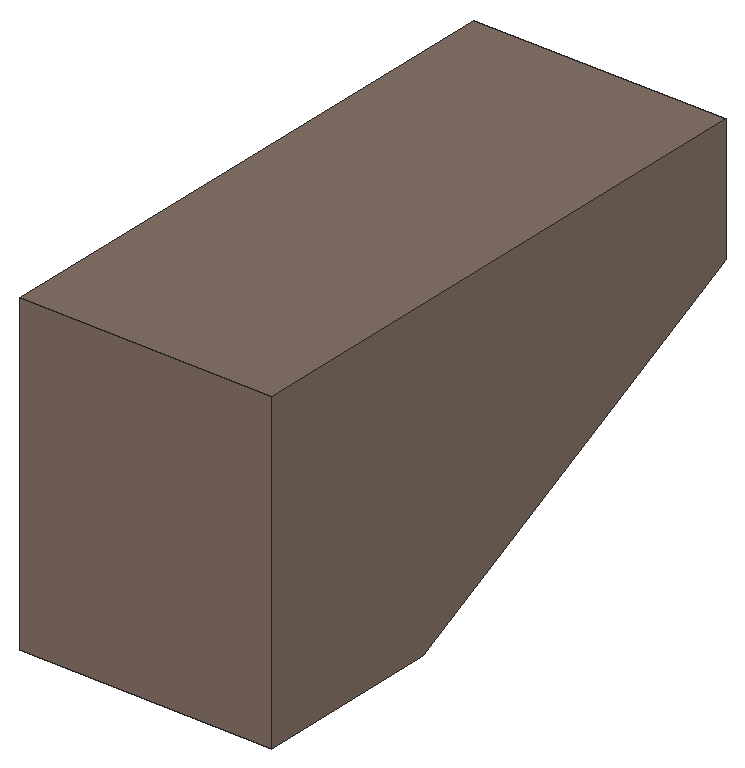
Revit family "STC_A3-Timber-Brace", category Generic Models, host Wall, Revit 2016
Family settings
  Host = Wall
  Part Type = Undefined
  Can host rebar = No
  Round Connector Dimension = Use Diameter
  Always vertical = Yes
  Cut with Voids When Loaded = No
  Shared = No
  Room Calculation Point = No
Parameters (values of type "Timber Brace")
  DEPTH = 457.2 mm
  DEPTH OFFSET = 304.8 mm
  HEIGHT = 254 mm
  HEIGHT OFFSET = 101.6 mm
  WIDTH = 203.2 mm
Reference planes
  plane 1: y = 0
  plane 2 "CENTER L/R": x = -67.056
  plane 3: x = -168.656
  plane 4: x = 34.544
  plane 5: z = 1614.601
  plane 6: z = 1360.601
  plane 7: z = 1513.001
  plane 8: y = 533.4
  plane 9: y = 228.6
Forms (mm)
  Extrusion 1, solid
    sketch origin (-67.056, 0, 0) x (0, -1, 0) y (0, 0, 1)
      loop
        line (-76.2, 1614.601) -> (-533.4, 1614.601) -> (-533.4, 1513.001) -> (-228.6, 1360.601) -> (-76.2, 1360.601) -> (-76.2, 1614.601)
    from -101.6 to 101.6
Text (mm)
  text "Placement Side" at (0, 1019.848, 3124.603), in view "Right"
  text "Placement Side" at (-1787.662, 723.012, 0), in view "Ref. Level"
  text "Placement Side" at (0, 1206.291, 3571.227), in view "Left"
Dimensions and locks
  equal spacing: plane 3, plane 2 "CENTER L/R", plane 4
  "WIDTH": plane 3 to plane 4
  "HEIGHT": plane 6 to plane 5
  "HEIGHT OFFSET": plane 7 to plane 5
  "DEPTH": plane 8 to host wall
  "DEPTH OFFSET": plane 8 to plane 9
  aligned and locked: Extrusion 1 sketch curve to host wall
  aligned and locked: Extrusion 1 sketch curve to plane 5
  aligned and locked: plane 8 to Extrusion 1 sketch curve
  aligned and locked: plane 6 to Extrusion 1 sketch curve
  aligned and locked: Extrusion 1 to plane 4
  aligned and locked: Extrusion 1 to plane 3
Automatic sketch dimensions
  Extrusion 1 sketch curve to plane 9 = 0 mm
  Extrusion 1 sketch curve to plane 7 = 0 mm
